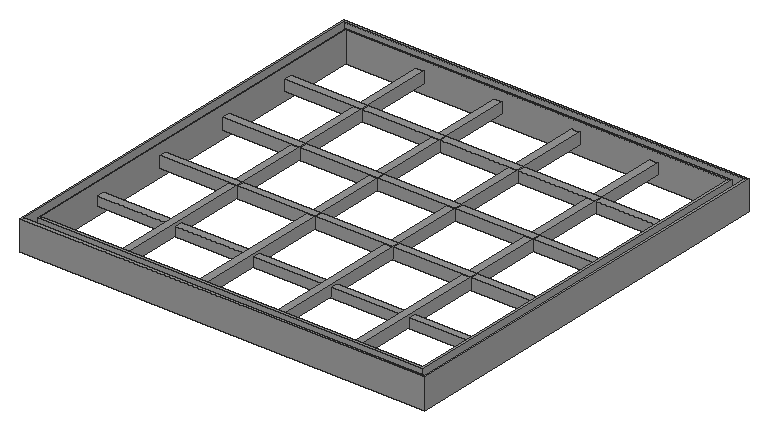
Revit family "CLD-WFD-007_WOODLITE_RFA", category Modelos genéricos, Revit 2022 (continued)
Forms (in)
  Extrusion 209, solid, not visible
    sketch origin (0, 48, 0) x (0, 1, 0) y (0, 0, 1)
      loop
        line (0.42221, 1.66259) -> (0.42231, 0.67354)
        arc (0.42231, 0.67354) -> (0.41009, 0.64403) -> (0.38057, 0.6318) r 0.04174
        line (0.38057, 0.6318) -> (-0.00639, 0.6318) -> (-0.00639, 0.59057) -> (0.8874, 0.59057) -> (0.8874, 0.6318) -> (0.49998, 0.6318)
        arc (0.49998, 0.6318) -> (0.47046, 0.64403) -> (0.45824, 0.67354) r 0.04174
        line (0.45824, 0.67354) -> (0.45834, 1.66259)
        arc (0.45834, 1.66259) -> (0.46543, 1.67969) -> (0.48252, 1.68677) r 0.02418
        line (0.48252, 1.68677) -> (0.52252, 1.68677)
        arc (0.52252, 1.68677) -> (0.55303, 1.69941) -> (0.56566, 1.72991) r 0.04314
        line (0.56566, 1.72991) -> (0.56566, 2.14095)
        arc (0.56566, 2.14095) -> (0.5626, 2.15637) -> (0.55386, 2.16944) r 0.04029
        line (0.55386, 2.16944) -> (0.47053, 2.25277)
        arc (0.47053, 2.25277) -> (0.44027, 2.2653) -> (0.41002, 2.25277) r 0.04279
        line (0.41002, 2.25277) -> (0.32669, 2.16944)
        arc (0.32669, 2.16944) -> (0.31795, 2.15637) -> (0.31489, 2.14095) r 0.04029
        line (0.31489, 2.14095) -> (0.31489, 1.72991)
        arc (0.31489, 1.72991) -> (0.32752, 1.69941) -> (0.35803, 1.68677) r 0.04314
        line (0.35803, 1.68677) -> (0.39803, 1.68677)
        arc (0.39803, 1.68677) -> (0.41512, 1.67969) -> (0.42221, 1.66259) r 0.02418
      loop
        arc (0.33294, 1.7291) -> (0.34005, 1.71194) -> (0.35722, 1.70483) r 0.02428
        line (0.35722, 1.70483) -> (0.39815, 1.70483)
        arc (0.39815, 1.70483) -> (0.42797, 1.69248) -> (0.44023, 1.66266) r 0.04217
        arc (0.44023, 1.66266) -> (0.45258, 1.69248) -> (0.4824, 1.70483) r 0.04217
        line (0.4824, 1.70483) -> (0.52333, 1.70483)
        arc (0.52333, 1.70483) -> (0.54049, 1.71194) -> (0.54761, 1.7291) r 0.02428
        line (0.54761, 1.7291) -> (0.54761, 2.15016) -> (0.45704, 2.24072)
        arc (0.45704, 2.24072) -> (0.44027, 2.24767) -> (0.42351, 2.24072) r 0.02371
        line (0.42351, 2.24072) -> (0.33294, 2.15016) -> (0.33294, 1.7291)
    from 0 to 96.9361
  Extrusion 210, solid, not visible
    sketch origin (0, 72, 0) x (0, 1, 0) y (0, 0, 1)
      loop
        line (0.42221, 1.66259) -> (0.42231, 0.67354)
        arc (0.42231, 0.67354) -> (0.41009, 0.64403) -> (0.38057, 0.6318) r 0.04174
        line (0.38057, 0.6318) -> (-0.00639, 0.6318) -> (-0.00639, 0.59057) -> (0.8874, 0.59057) -> (0.8874, 0.6318) -> (0.49998, 0.6318)
        arc (0.49998, 0.6318) -> (0.47046, 0.64403) -> (0.45824, 0.67354) r 0.04174
        line (0.45824, 0.67354) -> (0.45834, 1.66259)
        arc (0.45834, 1.66259) -> (0.46543, 1.67969) -> (0.48252, 1.68677) r 0.02418
        line (0.48252, 1.68677) -> (0.52252, 1.68677)
        arc (0.52252, 1.68677) -> (0.55303, 1.69941) -> (0.56566, 1.72991) r 0.04314
        line (0.56566, 1.72991) -> (0.56566, 2.14095)
        arc (0.56566, 2.14095) -> (0.5626, 2.15637) -> (0.55386, 2.16944) r 0.04029
        line (0.55386, 2.16944) -> (0.47053, 2.25277)
        arc (0.47053, 2.25277) -> (0.44027, 2.2653) -> (0.41002, 2.25277) r 0.04279
        line (0.41002, 2.25277) -> (0.32669, 2.16944)
        arc (0.32669, 2.16944) -> (0.31795, 2.15637) -> (0.31489, 2.14095) r 0.04029
        line (0.31489, 2.14095) -> (0.31489, 1.72991)
        arc (0.31489, 1.72991) -> (0.32752, 1.69941) -> (0.35803, 1.68677) r 0.04314
        line (0.35803, 1.68677) -> (0.39803, 1.68677)
        arc (0.39803, 1.68677) -> (0.41512, 1.67969) -> (0.42221, 1.66259) r 0.02418
      loop
        arc (0.33294, 1.7291) -> (0.34005, 1.71194) -> (0.35722, 1.70483) r 0.02428
        line (0.35722, 1.70483) -> (0.39815, 1.70483)
        arc (0.39815, 1.70483) -> (0.42797, 1.69248) -> (0.44023, 1.66266) r 0.04217
        arc (0.44023, 1.66266) -> (0.45258, 1.69248) -> (0.4824, 1.70483) r 0.04217
        line (0.4824, 1.70483) -> (0.52333, 1.70483)
        arc (0.52333, 1.70483) -> (0.54049, 1.71194) -> (0.54761, 1.7291) r 0.02428
        line (0.54761, 1.7291) -> (0.54761, 2.15016) -> (0.45704, 2.24072)
        arc (0.45704, 2.24072) -> (0.44027, 2.24767) -> (0.42351, 2.24072) r 0.02371
        line (0.42351, 2.24072) -> (0.33294, 2.15016) -> (0.33294, 1.7291)
    from 0 to 96.9361
  Extrusion 211, solid, not visible
    sketch origin (0, 96, 0) x (0, 1, 0) y (0, 0, 1)
      loop
        line (0.42221, 1.66259) -> (0.42231, 0.67354)
        arc (0.42231, 0.67354) -> (0.41009, 0.64403) -> (0.38057, 0.6318) r 0.04174
        line (0.38057, 0.6318) -> (-0.00639, 0.6318) -> (-0.00639, 0.59057) -> (0.8874, 0.59057) -> (0.8874, 0.6318) -> (0.49998, 0.6318)
        arc (0.49998, 0.6318) -> (0.47046, 0.64403) -> (0.45824, 0.67354) r 0.04174
        line (0.45824, 0.67354) -> (0.45834, 1.66259)
        arc (0.45834, 1.66259) -> (0.46543, 1.67969) -> (0.48252, 1.68677) r 0.02418
        line (0.48252, 1.68677) -> (0.52252, 1.68677)
        arc (0.52252, 1.68677) -> (0.55303, 1.69941) -> (0.56566, 1.72991) r 0.04314
        line (0.56566, 1.72991) -> (0.56566, 2.14095)
        arc (0.56566, 2.14095) -> (0.5626, 2.15637) -> (0.55386, 2.16944) r 0.04029
        line (0.55386, 2.16944) -> (0.47053, 2.25277)
        arc (0.47053, 2.25277) -> (0.44027, 2.2653) -> (0.41002, 2.25277) r 0.04279
        line (0.41002, 2.25277) -> (0.32669, 2.16944)
        arc (0.32669, 2.16944) -> (0.31795, 2.15637) -> (0.31489, 2.14095) r 0.04029
        line (0.31489, 2.14095) -> (0.31489, 1.72991)
        arc (0.31489, 1.72991) -> (0.32752, 1.69941) -> (0.35803, 1.68677) r 0.04314
        line (0.35803, 1.68677) -> (0.39803, 1.68677)
        arc (0.39803, 1.68677) -> (0.41512, 1.67969) -> (0.42221, 1.66259) r 0.02418
      loop
        arc (0.33294, 1.7291) -> (0.34005, 1.71194) -> (0.35722, 1.70483) r 0.02428
        line (0.35722, 1.70483) -> (0.39815, 1.70483)
        arc (0.39815, 1.70483) -> (0.42797, 1.69248) -> (0.44023, 1.66266) r 0.04217
        arc (0.44023, 1.66266) -> (0.45258, 1.69248) -> (0.4824, 1.70483) r 0.04217
        line (0.4824, 1.70483) -> (0.52333, 1.70483)
        arc (0.52333, 1.70483) -> (0.54049, 1.71194) -> (0.54761, 1.7291) r 0.02428
        line (0.54761, 1.7291) -> (0.54761, 2.15016) -> (0.45704, 2.24072)
        arc (0.45704, 2.24072) -> (0.44027, 2.24767) -> (0.42351, 2.24072) r 0.02371
        line (0.42351, 2.24072) -> (0.33294, 2.15016) -> (0.33294, 1.7291)
    from 0 to 96.9361
  Extrusion 212, solid, not visible
    sketch origin (48.02754, 154.90856, 0) x (1, 0, 0) y (0, 0, 1)
      loop
        line (0.42221, 1.66259) -> (0.42231, 0.67354)
        arc (0.42231, 0.67354) -> (0.41009, 0.64403) -> (0.38057, 0.6318) r 0.04174
        line (0.38057, 0.6318) -> (-0.00639, 0.6318) -> (-0.00639, 0.59057) -> (0.8874, 0.59057) -> (0.8874, 0.6318) -> (0.49998, 0.6318)
        arc (0.49998, 0.6318) -> (0.47046, 0.64403) -> (0.45824, 0.67354) r 0.04174
        line (0.45824, 0.67354) -> (0.45834, 1.66259)
        arc (0.45834, 1.66259) -> (0.46543, 1.67969) -> (0.48252, 1.68677) r 0.02418
        line (0.48252, 1.68677) -> (0.52252, 1.68677)
        arc (0.52252, 1.68677) -> (0.55303, 1.69941) -> (0.56566, 1.72991) r 0.04314
        line (0.56566, 1.72991) -> (0.56566, 2.14095)
        arc (0.56566, 2.14095) -> (0.5626, 2.15637) -> (0.55386, 2.16944) r 0.04029
        line (0.55386, 2.16944) -> (0.47053, 2.25277)
        arc (0.47053, 2.25277) -> (0.44027, 2.2653) -> (0.41002, 2.25277) r 0.04279
        line (0.41002, 2.25277) -> (0.32669, 2.16944)
        arc (0.32669, 2.16944) -> (0.31795, 2.15637) -> (0.31489, 2.14095) r 0.04029
        line (0.31489, 2.14095) -> (0.31489, 1.72991)
        arc (0.31489, 1.72991) -> (0.32752, 1.69941) -> (0.35803, 1.68677) r 0.04314
        line (0.35803, 1.68677) -> (0.39803, 1.68677)
        arc (0.39803, 1.68677) -> (0.41512, 1.67969) -> (0.42221, 1.66259) r 0.02418
      loop
        arc (0.33294, 1.7291) -> (0.34005, 1.71194) -> (0.35722, 1.70483) r 0.02428
        line (0.35722, 1.70483) -> (0.39815, 1.70483)
        arc (0.39815, 1.70483) -> (0.42797, 1.69248) -> (0.44023, 1.66266) r 0.04217
        arc (0.44023, 1.66266) -> (0.45258, 1.69248) -> (0.4824, 1.70483) r 0.04217
        line (0.4824, 1.70483) -> (0.52333, 1.70483)
        arc (0.52333, 1.70483) -> (0.54049, 1.71194) -> (0.54761, 1.7291) r 0.02428
        line (0.54761, 1.7291) -> (0.54761, 2.15016) -> (0.45704, 2.24072)
        arc (0.45704, 2.24072) -> (0.44027, 2.24767) -> (0.42351, 2.24072) r 0.02371
        line (0.42351, 2.24072) -> (0.33294, 2.15016) -> (0.33294, 1.7291)
    from 58.93614 to 81.99864
  Extrusion 213, solid, not visible
    sketch origin (72.02767, 154.90856, 0) x (1, 0, 0) y (0, 0, 1)
      loop
        line (0.42221, 1.66259) -> (0.42231, 0.67354)
        arc (0.42231, 0.67354) -> (0.41009, 0.64403) -> (0.38057, 0.6318) r 0.04174
        line (0.38057, 0.6318) -> (-0.00639, 0.6318) -> (-0.00639, 0.59057) -> (0.8874, 0.59057) -> (0.8874, 0.6318) -> (0.49998, 0.6318)
        arc (0.49998, 0.6318) -> (0.47046, 0.64403) -> (0.45824, 0.67354) r 0.04174
        line (0.45824, 0.67354) -> (0.45834, 1.66259)
        arc (0.45834, 1.66259) -> (0.46543, 1.67969) -> (0.48252, 1.68677) r 0.02418
        line (0.48252, 1.68677) -> (0.52252, 1.68677)
        arc (0.52252, 1.68677) -> (0.55303, 1.69941) -> (0.56566, 1.72991) r 0.04314
        line (0.56566, 1.72991) -> (0.56566, 2.14095)
        arc (0.56566, 2.14095) -> (0.5626, 2.15637) -> (0.55386, 2.16944) r 0.04029
        line (0.55386, 2.16944) -> (0.47053, 2.25277)
        arc (0.47053, 2.25277) -> (0.44027, 2.2653) -> (0.41002, 2.25277) r 0.04279
        line (0.41002, 2.25277) -> (0.32669, 2.16944)
        arc (0.32669, 2.16944) -> (0.31795, 2.15637) -> (0.31489, 2.14095) r 0.04029
        line (0.31489, 2.14095) -> (0.31489, 1.72991)
        arc (0.31489, 1.72991) -> (0.32752, 1.69941) -> (0.35803, 1.68677) r 0.04314
        line (0.35803, 1.68677) -> (0.39803, 1.68677)
        arc (0.39803, 1.68677) -> (0.41512, 1.67969) -> (0.42221, 1.66259) r 0.02418
      loop
        arc (0.33294, 1.7291) -> (0.34005, 1.71194) -> (0.35722, 1.70483) r 0.02428
        line (0.35722, 1.70483) -> (0.39815, 1.70483)
        arc (0.39815, 1.70483) -> (0.42797, 1.69248) -> (0.44023, 1.66266) r 0.04217
        arc (0.44023, 1.66266) -> (0.45258, 1.69248) -> (0.4824, 1.70483) r 0.04217
        line (0.4824, 1.70483) -> (0.52333, 1.70483)
        arc (0.52333, 1.70483) -> (0.54049, 1.71194) -> (0.54761, 1.7291) r 0.02428
        line (0.54761, 1.7291) -> (0.54761, 2.15016) -> (0.45704, 2.24072)
        arc (0.45704, 2.24072) -> (0.44027, 2.24767) -> (0.42351, 2.24072) r 0.02371
        line (0.42351, 2.24072) -> (0.33294, 2.15016) -> (0.33294, 1.7291)
    from 58.93614 to 81.99864
  Extrusion 214, solid, not visible
    sketch origin (96.02767, 154.90856, 0) x (1, 0, 0) y (0, 0, 1)
      loop
        line (0.42221, 1.66259) -> (0.42231, 0.67354)
        arc (0.42231, 0.67354) -> (0.41009, 0.64403) -> (0.38057, 0.6318) r 0.04174
        line (0.38057, 0.6318) -> (-0.00639, 0.6318) -> (-0.00639, 0.59057) -> (0.8874, 0.59057) -> (0.8874, 0.6318) -> (0.49998, 0.6318)
        arc (0.49998, 0.6318) -> (0.47046, 0.64403) -> (0.45824, 0.67354) r 0.04174
        line (0.45824, 0.67354) -> (0.45834, 1.66259)
        arc (0.45834, 1.66259) -> (0.46543, 1.67969) -> (0.48252, 1.68677) r 0.02418
        line (0.48252, 1.68677) -> (0.52252, 1.68677)
        arc (0.52252, 1.68677) -> (0.55303, 1.69941) -> (0.56566, 1.72991) r 0.04314
        line (0.56566, 1.72991) -> (0.56566, 2.14095)
        arc (0.56566, 2.14095) -> (0.5626, 2.15637) -> (0.55386, 2.16944) r 0.04029
        line (0.55386, 2.16944) -> (0.47053, 2.25277)
        arc (0.47053, 2.25277) -> (0.44027, 2.2653) -> (0.41002, 2.25277) r 0.04279
        line (0.41002, 2.25277) -> (0.32669, 2.16944)
        arc (0.32669, 2.16944) -> (0.31795, 2.15637) -> (0.31489, 2.14095) r 0.04029
        line (0.31489, 2.14095) -> (0.31489, 1.72991)
        arc (0.31489, 1.72991) -> (0.32752, 1.69941) -> (0.35803, 1.68677) r 0.04314
        line (0.35803, 1.68677) -> (0.39803, 1.68677)
        arc (0.39803, 1.68677) -> (0.41512, 1.67969) -> (0.42221, 1.66259) r 0.02418
      loop
        arc (0.33294, 1.7291) -> (0.34005, 1.71194) -> (0.35722, 1.70483) r 0.02428
        line (0.35722, 1.70483) -> (0.39815, 1.70483)
        arc (0.39815, 1.70483) -> (0.42797, 1.69248) -> (0.44023, 1.66266) r 0.04217
        arc (0.44023, 1.66266) -> (0.45258, 1.69248) -> (0.4824, 1.70483) r 0.04217
        line (0.4824, 1.70483) -> (0.52333, 1.70483)
        arc (0.52333, 1.70483) -> (0.54049, 1.71194) -> (0.54761, 1.7291) r 0.02428
        line (0.54761, 1.7291) -> (0.54761, 2.15016) -> (0.45704, 2.24072)
        arc (0.45704, 2.24072) -> (0.44027, 2.24767) -> (0.42351, 2.24072) r 0.02371
        line (0.42351, 2.24072) -> (0.33294, 2.15016) -> (0.33294, 1.7291)
    from 58.93614 to 81.99864
  Extrusion 215, solid, not visible
    sketch origin (24.02767, 154.90856, 0) x (1, 0, 0) y (0, 0, 1)
      loop
        line (0.42221, 1.66259) -> (0.42231, 0.67354)
        arc (0.42231, 0.67354) -> (0.41009, 0.64403) -> (0.38057, 0.6318) r 0.04174
        line (0.38057, 0.6318) -> (-0.00639, 0.6318) -> (-0.00639, 0.59057) -> (0.8874, 0.59057) -> (0.8874, 0.6318) -> (0.49998, 0.6318)
        arc (0.49998, 0.6318) -> (0.47046, 0.64403) -> (0.45824, 0.67354) r 0.04174
        line (0.45824, 0.67354) -> (0.45834, 1.66259)
        arc (0.45834, 1.66259) -> (0.46543, 1.67969) -> (0.48252, 1.68677) r 0.02418
        line (0.48252, 1.68677) -> (0.52252, 1.68677)
        arc (0.52252, 1.68677) -> (0.55303, 1.69941) -> (0.56566, 1.72991) r 0.04314
        line (0.56566, 1.72991) -> (0.56566, 2.14095)
        arc (0.56566, 2.14095) -> (0.5626, 2.15637) -> (0.55386, 2.16944) r 0.04029
        line (0.55386, 2.16944) -> (0.47053, 2.25277)
        arc (0.47053, 2.25277) -> (0.44027, 2.2653) -> (0.41002, 2.25277) r 0.04279
        line (0.41002, 2.25277) -> (0.32669, 2.16944)
        arc (0.32669, 2.16944) -> (0.31795, 2.15637) -> (0.31489, 2.14095) r 0.04029
        line (0.31489, 2.14095) -> (0.31489, 1.72991)
        arc (0.31489, 1.72991) -> (0.32752, 1.69941) -> (0.35803, 1.68677) r 0.04314
        line (0.35803, 1.68677) -> (0.39803, 1.68677)
        arc (0.39803, 1.68677) -> (0.41512, 1.67969) -> (0.42221, 1.66259) r 0.02418
      loop
        arc (0.33294, 1.7291) -> (0.34005, 1.71194) -> (0.35722, 1.70483) r 0.02428
        line (0.35722, 1.70483) -> (0.39815, 1.70483)
        arc (0.39815, 1.70483) -> (0.42797, 1.69248) -> (0.44023, 1.66266) r 0.04217
        arc (0.44023, 1.66266) -> (0.45258, 1.69248) -> (0.4824, 1.70483) r 0.04217
        line (0.4824, 1.70483) -> (0.52333, 1.70483)
        arc (0.52333, 1.70483) -> (0.54049, 1.71194) -> (0.54761, 1.7291) r 0.02428
        line (0.54761, 1.7291) -> (0.54761, 2.15016) -> (0.45704, 2.24072)
        arc (0.45704, 2.24072) -> (0.44027, 2.24767) -> (0.42351, 2.24072) r 0.02371
        line (0.42351, 2.24072) -> (0.33294, 2.15016) -> (0.33294, 1.7291)
    from 58.93614 to 81.99864
  Extrusion 216, solid, not visible
    sketch origin (0.02767, 154.90856, 0) x (1, 0, 0) y (0, 0, 1)
      loop
        line (0.42221, 1.66259) -> (0.42231, 0.67354)
        arc (0.42231, 0.67354) -> (0.41009, 0.64403) -> (0.38057, 0.6318) r 0.04174
        line (0.38057, 0.6318) -> (-0.00639, 0.6318) -> (-0.00639, 0.59057) -> (0.8874, 0.59057) -> (0.8874, 0.6318) -> (0.49998, 0.6318)
        arc (0.49998, 0.6318) -> (0.47046, 0.64403) -> (0.45824, 0.67354) r 0.04174
        line (0.45824, 0.67354) -> (0.45834, 1.66259)
        arc (0.45834, 1.66259) -> (0.46543, 1.67969) -> (0.48252, 1.68677) r 0.02418
        line (0.48252, 1.68677) -> (0.52252, 1.68677)
        arc (0.52252, 1.68677) -> (0.55303, 1.69941) -> (0.56566, 1.72991) r 0.04314
        line (0.56566, 1.72991) -> (0.56566, 2.14095)
        arc (0.56566, 2.14095) -> (0.5626, 2.15637) -> (0.55386, 2.16944) r 0.04029
        line (0.55386, 2.16944) -> (0.47053, 2.25277)
        arc (0.47053, 2.25277) -> (0.44027, 2.2653) -> (0.41002, 2.25277) r 0.04279
        line (0.41002, 2.25277) -> (0.32669, 2.16944)
        arc (0.32669, 2.16944) -> (0.31795, 2.15637) -> (0.31489, 2.14095) r 0.04029
        line (0.31489, 2.14095) -> (0.31489, 1.72991)
        arc (0.31489, 1.72991) -> (0.32752, 1.69941) -> (0.35803, 1.68677) r 0.04314
        line (0.35803, 1.68677) -> (0.39803, 1.68677)
        arc (0.39803, 1.68677) -> (0.41512, 1.67969) -> (0.42221, 1.66259) r 0.02418
      loop
        arc (0.33294, 1.7291) -> (0.34005, 1.71194) -> (0.35722, 1.70483) r 0.02428
        line (0.35722, 1.70483) -> (0.39815, 1.70483)
        arc (0.39815, 1.70483) -> (0.42797, 1.69248) -> (0.44023, 1.66266) r 0.04217
        arc (0.44023, 1.66266) -> (0.45258, 1.69248) -> (0.4824, 1.70483) r 0.04217
        line (0.4824, 1.70483) -> (0.52333, 1.70483)
        arc (0.52333, 1.70483) -> (0.54049, 1.71194) -> (0.54761, 1.7291) r 0.02428
        line (0.54761, 1.7291) -> (0.54761, 2.15016) -> (0.45704, 2.24072)
        arc (0.45704, 2.24072) -> (0.44027, 2.24767) -> (0.42351, 2.24072) r 0.02371
        line (0.42351, 2.24072) -> (0.33294, 2.15016) -> (0.33294, 1.7291)
    from 58.93614 to 81.99864
  Extrusion 217, solid, not visible
    sketch origin (48.02754, 130.90855, 0) x (1, 0, 0) y (0, 0, 1)
      loop
        line (0.42221, 1.66259) -> (0.42231, 0.67354)
        arc (0.42231, 0.67354) -> (0.41009, 0.64403) -> (0.38057, 0.6318) r 0.04174
        line (0.38057, 0.6318) -> (-0.00639, 0.6318) -> (-0.00639, 0.59057) -> (0.8874, 0.59057) -> (0.8874, 0.6318) -> (0.49998, 0.6318)
        arc (0.49998, 0.6318) -> (0.47046, 0.64403) -> (0.45824, 0.67354) r 0.04174
        line (0.45824, 0.67354) -> (0.45834, 1.66259)
        arc (0.45834, 1.66259) -> (0.46543, 1.67969) -> (0.48252, 1.68677) r 0.02418
        line (0.48252, 1.68677) -> (0.52252, 1.68677)
        arc (0.52252, 1.68677) -> (0.55303, 1.69941) -> (0.56566, 1.72991) r 0.04314
        line (0.56566, 1.72991) -> (0.56566, 2.14095)
        arc (0.56566, 2.14095) -> (0.5626, 2.15637) -> (0.55386, 2.16944) r 0.04029
        line (0.55386, 2.16944) -> (0.47053, 2.25277)
        arc (0.47053, 2.25277) -> (0.44027, 2.2653) -> (0.41002, 2.25277) r 0.04279
        line (0.41002, 2.25277) -> (0.32669, 2.16944)
        arc (0.32669, 2.16944) -> (0.31795, 2.15637) -> (0.31489, 2.14095) r 0.04029
        line (0.31489, 2.14095) -> (0.31489, 1.72991)
        arc (0.31489, 1.72991) -> (0.32752, 1.69941) -> (0.35803, 1.68677) r 0.04314
        line (0.35803, 1.68677) -> (0.39803, 1.68677)
        arc (0.39803, 1.68677) -> (0.41512, 1.67969) -> (0.42221, 1.66259) r 0.02418
      loop
        arc (0.33294, 1.7291) -> (0.34005, 1.71194) -> (0.35722, 1.70483) r 0.02428
        line (0.35722, 1.70483) -> (0.39815, 1.70483)
        arc (0.39815, 1.70483) -> (0.42797, 1.69248) -> (0.44023, 1.66266) r 0.04217
        arc (0.44023, 1.66266) -> (0.45258, 1.69248) -> (0.4824, 1.70483) r 0.04217
        line (0.4824, 1.70483) -> (0.52333, 1.70483)
        arc (0.52333, 1.70483) -> (0.54049, 1.71194) -> (0.54761, 1.7291) r 0.02428
        line (0.54761, 1.7291) -> (0.54761, 2.15016) -> (0.45704, 2.24072)
        arc (0.45704, 2.24072) -> (0.44027, 2.24767) -> (0.42351, 2.24072) r 0.02371
        line (0.42351, 2.24072) -> (0.33294, 2.15016) -> (0.33294, 1.7291)
    from 58.93614 to 81.99864
  Extrusion 218, solid, not visible
    sketch origin (72.02767, 130.90855, 0) x (1, 0, 0) y (0, 0, 1)
      loop
        line (0.42221, 1.66259) -> (0.42231, 0.67354)
        arc (0.42231, 0.67354) -> (0.41009, 0.64403) -> (0.38057, 0.6318) r 0.04174
        line (0.38057, 0.6318) -> (-0.00639, 0.6318) -> (-0.00639, 0.59057) -> (0.8874, 0.59057) -> (0.8874, 0.6318) -> (0.49998, 0.6318)
        arc (0.49998, 0.6318) -> (0.47046, 0.64403) -> (0.45824, 0.67354) r 0.04174
        line (0.45824, 0.67354) -> (0.45834, 1.66259)
        arc (0.45834, 1.66259) -> (0.46543, 1.67969) -> (0.48252, 1.68677) r 0.02418
        line (0.48252, 1.68677) -> (0.52252, 1.68677)
        arc (0.52252, 1.68677) -> (0.55303, 1.69941) -> (0.56566, 1.72991) r 0.04314
        line (0.56566, 1.72991) -> (0.56566, 2.14095)
        arc (0.56566, 2.14095) -> (0.5626, 2.15637) -> (0.55386, 2.16944) r 0.04029
        line (0.55386, 2.16944) -> (0.47053, 2.25277)
        arc (0.47053, 2.25277) -> (0.44027, 2.2653) -> (0.41002, 2.25277) r 0.04279
        line (0.41002, 2.25277) -> (0.32669, 2.16944)
        arc (0.32669, 2.16944) -> (0.31795, 2.15637) -> (0.31489, 2.14095) r 0.04029
        line (0.31489, 2.14095) -> (0.31489, 1.72991)
        arc (0.31489, 1.72991) -> (0.32752, 1.69941) -> (0.35803, 1.68677) r 0.04314
        line (0.35803, 1.68677) -> (0.39803, 1.68677)
        arc (0.39803, 1.68677) -> (0.41512, 1.67969) -> (0.42221, 1.66259) r 0.02418
      loop
        arc (0.33294, 1.7291) -> (0.34005, 1.71194) -> (0.35722, 1.70483) r 0.02428
        line (0.35722, 1.70483) -> (0.39815, 1.70483)
        arc (0.39815, 1.70483) -> (0.42797, 1.69248) -> (0.44023, 1.66266) r 0.04217
        arc (0.44023, 1.66266) -> (0.45258, 1.69248) -> (0.4824, 1.70483) r 0.04217
        line (0.4824, 1.70483) -> (0.52333, 1.70483)
        arc (0.52333, 1.70483) -> (0.54049, 1.71194) -> (0.54761, 1.7291) r 0.02428
        line (0.54761, 1.7291) -> (0.54761, 2.15016) -> (0.45704, 2.24072)
        arc (0.45704, 2.24072) -> (0.44027, 2.24767) -> (0.42351, 2.24072) r 0.02371
        line (0.42351, 2.24072) -> (0.33294, 2.15016) -> (0.33294, 1.7291)
    from 58.93614 to 81.99864
  Extrusion 219, solid, not visible
    sketch origin (96.02767, 130.90855, 0) x (1, 0, 0) y (0, 0, 1)
      loop
        line (0.42221, 1.66259) -> (0.42231, 0.67354)
        arc (0.42231, 0.67354) -> (0.41009, 0.64403) -> (0.38057, 0.6318) r 0.04174
        line (0.38057, 0.6318) -> (-0.00639, 0.6318) -> (-0.00639, 0.59057) -> (0.8874, 0.59057) -> (0.8874, 0.6318) -> (0.49998, 0.6318)
        arc (0.49998, 0.6318) -> (0.47046, 0.64403) -> (0.45824, 0.67354) r 0.04174
        line (0.45824, 0.67354) -> (0.45834, 1.66259)
        arc (0.45834, 1.66259) -> (0.46543, 1.67969) -> (0.48252, 1.68677) r 0.02418
        line (0.48252, 1.68677) -> (0.52252, 1.68677)
        arc (0.52252, 1.68677) -> (0.55303, 1.69941) -> (0.56566, 1.72991) r 0.04314
        line (0.56566, 1.72991) -> (0.56566, 2.14095)
        arc (0.56566, 2.14095) -> (0.5626, 2.15637) -> (0.55386, 2.16944) r 0.04029
        line (0.55386, 2.16944) -> (0.47053, 2.25277)
        arc (0.47053, 2.25277) -> (0.44027, 2.2653) -> (0.41002, 2.25277) r 0.04279
        line (0.41002, 2.25277) -> (0.32669, 2.16944)
        arc (0.32669, 2.16944) -> (0.31795, 2.15637) -> (0.31489, 2.14095) r 0.04029
        line (0.31489, 2.14095) -> (0.31489, 1.72991)
        arc (0.31489, 1.72991) -> (0.32752, 1.69941) -> (0.35803, 1.68677) r 0.04314
        line (0.35803, 1.68677) -> (0.39803, 1.68677)
        arc (0.39803, 1.68677) -> (0.41512, 1.67969) -> (0.42221, 1.66259) r 0.02418
      loop
        arc (0.33294, 1.7291) -> (0.34005, 1.71194) -> (0.35722, 1.70483) r 0.02428
        line (0.35722, 1.70483) -> (0.39815, 1.70483)
        arc (0.39815, 1.70483) -> (0.42797, 1.69248) -> (0.44023, 1.66266) r 0.04217
        arc (0.44023, 1.66266) -> (0.45258, 1.69248) -> (0.4824, 1.70483) r 0.04217
        line (0.4824, 1.70483) -> (0.52333, 1.70483)
        arc (0.52333, 1.70483) -> (0.54049, 1.71194) -> (0.54761, 1.7291) r 0.02428
        line (0.54761, 1.7291) -> (0.54761, 2.15016) -> (0.45704, 2.24072)
        arc (0.45704, 2.24072) -> (0.44027, 2.24767) -> (0.42351, 2.24072) r 0.02371
        line (0.42351, 2.24072) -> (0.33294, 2.15016) -> (0.33294, 1.7291)
    from 58.93614 to 81.99864
  Extrusion 220, solid, not visible
    sketch origin (24.02767, 130.90855, 0) x (1, 0, 0) y (0, 0, 1)
      loop
        line (0.42221, 1.66259) -> (0.42231, 0.67354)
        arc (0.42231, 0.67354) -> (0.41009, 0.64403) -> (0.38057, 0.6318) r 0.04174
        line (0.38057, 0.6318) -> (-0.00639, 0.6318) -> (-0.00639, 0.59057) -> (0.8874, 0.59057) -> (0.8874, 0.6318) -> (0.49998, 0.6318)
        arc (0.49998, 0.6318) -> (0.47046, 0.64403) -> (0.45824, 0.67354) r 0.04174
        line (0.45824, 0.67354) -> (0.45834, 1.66259)
        arc (0.45834, 1.66259) -> (0.46543, 1.67969) -> (0.48252, 1.68677) r 0.02418
        line (0.48252, 1.68677) -> (0.52252, 1.68677)
        arc (0.52252, 1.68677) -> (0.55303, 1.69941) -> (0.56566, 1.72991) r 0.04314
        line (0.56566, 1.72991) -> (0.56566, 2.14095)
        arc (0.56566, 2.14095) -> (0.5626, 2.15637) -> (0.55386, 2.16944) r 0.04029
        line (0.55386, 2.16944) -> (0.47053, 2.25277)
        arc (0.47053, 2.25277) -> (0.44027, 2.2653) -> (0.41002, 2.25277) r 0.04279
        line (0.41002, 2.25277) -> (0.32669, 2.16944)
        arc (0.32669, 2.16944) -> (0.31795, 2.15637) -> (0.31489, 2.14095) r 0.04029
        line (0.31489, 2.14095) -> (0.31489, 1.72991)
        arc (0.31489, 1.72991) -> (0.32752, 1.69941) -> (0.35803, 1.68677) r 0.04314
        line (0.35803, 1.68677) -> (0.39803, 1.68677)
        arc (0.39803, 1.68677) -> (0.41512, 1.67969) -> (0.42221, 1.66259) r 0.02418
      loop
        arc (0.33294, 1.7291) -> (0.34005, 1.71194) -> (0.35722, 1.70483) r 0.02428
        line (0.35722, 1.70483) -> (0.39815, 1.70483)
        arc (0.39815, 1.70483) -> (0.42797, 1.69248) -> (0.44023, 1.66266) r 0.04217
        arc (0.44023, 1.66266) -> (0.45258, 1.69248) -> (0.4824, 1.70483) r 0.04217
        line (0.4824, 1.70483) -> (0.52333, 1.70483)
        arc (0.52333, 1.70483) -> (0.54049, 1.71194) -> (0.54761, 1.7291) r 0.02428
        line (0.54761, 1.7291) -> (0.54761, 2.15016) -> (0.45704, 2.24072)
        arc (0.45704, 2.24072) -> (0.44027, 2.24767) -> (0.42351, 2.24072) r 0.02371
        line (0.42351, 2.24072) -> (0.33294, 2.15016) -> (0.33294, 1.7291)
    from 58.93614 to 81.99864
  Extrusion 221, solid, not visible
    sketch origin (0.02767, 130.90855, 0) x (1, 0, 0) y (0, 0, 1)
      loop
        line (0.42221, 1.66259) -> (0.42231, 0.67354)
        arc (0.42231, 0.67354) -> (0.41009, 0.64403) -> (0.38057, 0.6318) r 0.04174
        line (0.38057, 0.6318) -> (-0.00639, 0.6318) -> (-0.00639, 0.59057) -> (0.8874, 0.59057) -> (0.8874, 0.6318) -> (0.49998, 0.6318)
        arc (0.49998, 0.6318) -> (0.47046, 0.64403) -> (0.45824, 0.67354) r 0.04174
        line (0.45824, 0.67354) -> (0.45834, 1.66259)
        arc (0.45834, 1.66259) -> (0.46543, 1.67969) -> (0.48252, 1.68677) r 0.02418
        line (0.48252, 1.68677) -> (0.52252, 1.68677)
        arc (0.52252, 1.68677) -> (0.55303, 1.69941) -> (0.56566, 1.72991) r 0.04314
        line (0.56566, 1.72991) -> (0.56566, 2.14095)
        arc (0.56566, 2.14095) -> (0.5626, 2.15637) -> (0.55386, 2.16944) r 0.04029
        line (0.55386, 2.16944) -> (0.47053, 2.25277)
        arc (0.47053, 2.25277) -> (0.44027, 2.2653) -> (0.41002, 2.25277) r 0.04279
        line (0.41002, 2.25277) -> (0.32669, 2.16944)
        arc (0.32669, 2.16944) -> (0.31795, 2.15637) -> (0.31489, 2.14095) r 0.04029
        line (0.31489, 2.14095) -> (0.31489, 1.72991)
        arc (0.31489, 1.72991) -> (0.32752, 1.69941) -> (0.35803, 1.68677) r 0.04314
        line (0.35803, 1.68677) -> (0.39803, 1.68677)
        arc (0.39803, 1.68677) -> (0.41512, 1.67969) -> (0.42221, 1.66259) r 0.02418
      loop
        arc (0.33294, 1.7291) -> (0.34005, 1.71194) -> (0.35722, 1.70483) r 0.02428
        line (0.35722, 1.70483) -> (0.39815, 1.70483)
        arc (0.39815, 1.70483) -> (0.42797, 1.69248) -> (0.44023, 1.66266) r 0.04217
        arc (0.44023, 1.66266) -> (0.45258, 1.69248) -> (0.4824, 1.70483) r 0.04217
        line (0.4824, 1.70483) -> (0.52333, 1.70483)
        arc (0.52333, 1.70483) -> (0.54049, 1.71194) -> (0.54761, 1.7291) r 0.02428
        line (0.54761, 1.7291) -> (0.54761, 2.15016) -> (0.45704, 2.24072)
        arc (0.45704, 2.24072) -> (0.44027, 2.24767) -> (0.42351, 2.24072) r 0.02371
        line (0.42351, 2.24072) -> (0.33294, 2.15016) -> (0.33294, 1.7291)
    from 58.93614 to 81.99864
  Extrusion 222, solid, not visible
    sketch origin (48.02754, 106.90856, 0) x (1, 0, 0) y (0, 0, 1)
      loop
        line (0.42221, 1.66259) -> (0.42231, 0.67354)
        arc (0.42231, 0.67354) -> (0.41009, 0.64403) -> (0.38057, 0.6318) r 0.04174
        line (0.38057, 0.6318) -> (-0.00639, 0.6318) -> (-0.00639, 0.59057) -> (0.8874, 0.59057) -> (0.8874, 0.6318) -> (0.49998, 0.6318)
        arc (0.49998, 0.6318) -> (0.47046, 0.64403) -> (0.45824, 0.67354) r 0.04174
        line (0.45824, 0.67354) -> (0.45834, 1.66259)
        arc (0.45834, 1.66259) -> (0.46543, 1.67969) -> (0.48252, 1.68677) r 0.02418
        line (0.48252, 1.68677) -> (0.52252, 1.68677)
        arc (0.52252, 1.68677) -> (0.55303, 1.69941) -> (0.56566, 1.72991) r 0.04314
        line (0.56566, 1.72991) -> (0.56566, 2.14095)
        arc (0.56566, 2.14095) -> (0.5626, 2.15637) -> (0.55386, 2.16944) r 0.04029
        line (0.55386, 2.16944) -> (0.47053, 2.25277)
        arc (0.47053, 2.25277) -> (0.44027, 2.2653) -> (0.41002, 2.25277) r 0.04279
        line (0.41002, 2.25277) -> (0.32669, 2.16944)
        arc (0.32669, 2.16944) -> (0.31795, 2.15637) -> (0.31489, 2.14095) r 0.04029
        line (0.31489, 2.14095) -> (0.31489, 1.72991)
        arc (0.31489, 1.72991) -> (0.32752, 1.69941) -> (0.35803, 1.68677) r 0.04314
        line (0.35803, 1.68677) -> (0.39803, 1.68677)
        arc (0.39803, 1.68677) -> (0.41512, 1.67969) -> (0.42221, 1.66259) r 0.02418
      loop
        arc (0.33294, 1.7291) -> (0.34005, 1.71194) -> (0.35722, 1.70483) r 0.02428
        line (0.35722, 1.70483) -> (0.39815, 1.70483)
        arc (0.39815, 1.70483) -> (0.42797, 1.69248) -> (0.44023, 1.66266) r 0.04217
        arc (0.44023, 1.66266) -> (0.45258, 1.69248) -> (0.4824, 1.70483) r 0.04217
        line (0.4824, 1.70483) -> (0.52333, 1.70483)
        arc (0.52333, 1.70483) -> (0.54049, 1.71194) -> (0.54761, 1.7291) r 0.02428
        line (0.54761, 1.7291) -> (0.54761, 2.15016) -> (0.45704, 2.24072)
        arc (0.45704, 2.24072) -> (0.44027, 2.24767) -> (0.42351, 2.24072) r 0.02371
        line (0.42351, 2.24072) -> (0.33294, 2.15016) -> (0.33294, 1.7291)
    from 58.93614 to 81.99864
  Extrusion 223, solid, not visible
    sketch origin (72.02767, 106.90856, 0) x (1, 0, 0) y (0, 0, 1)
      loop
        line (0.42221, 1.66259) -> (0.42231, 0.67354)
        arc (0.42231, 0.67354) -> (0.41009, 0.64403) -> (0.38057, 0.6318) r 0.04174
        line (0.38057, 0.6318) -> (-0.00639, 0.6318) -> (-0.00639, 0.59057) -> (0.8874, 0.59057) -> (0.8874, 0.6318) -> (0.49998, 0.6318)
        arc (0.49998, 0.6318) -> (0.47046, 0.64403) -> (0.45824, 0.67354) r 0.04174
        line (0.45824, 0.67354) -> (0.45834, 1.66259)
        arc (0.45834, 1.66259) -> (0.46543, 1.67969) -> (0.48252, 1.68677) r 0.02418
        line (0.48252, 1.68677) -> (0.52252, 1.68677)
        arc (0.52252, 1.68677) -> (0.55303, 1.69941) -> (0.56566, 1.72991) r 0.04314
        line (0.56566, 1.72991) -> (0.56566, 2.14095)
        arc (0.56566, 2.14095) -> (0.5626, 2.15637) -> (0.55386, 2.16944) r 0.04029
        line (0.55386, 2.16944) -> (0.47053, 2.25277)
        arc (0.47053, 2.25277) -> (0.44027, 2.2653) -> (0.41002, 2.25277) r 0.04279
        line (0.41002, 2.25277) -> (0.32669, 2.16944)
        arc (0.32669, 2.16944) -> (0.31795, 2.15637) -> (0.31489, 2.14095) r 0.04029
        line (0.31489, 2.14095) -> (0.31489, 1.72991)
        arc (0.31489, 1.72991) -> (0.32752, 1.69941) -> (0.35803, 1.68677) r 0.04314
        line (0.35803, 1.68677) -> (0.39803, 1.68677)
        arc (0.39803, 1.68677) -> (0.41512, 1.67969) -> (0.42221, 1.66259) r 0.02418
      loop
        arc (0.33294, 1.7291) -> (0.34005, 1.71194) -> (0.35722, 1.70483) r 0.02428
        line (0.35722, 1.70483) -> (0.39815, 1.70483)
        arc (0.39815, 1.70483) -> (0.42797, 1.69248) -> (0.44023, 1.66266) r 0.04217
        arc (0.44023, 1.66266) -> (0.45258, 1.69248) -> (0.4824, 1.70483) r 0.04217
        line (0.4824, 1.70483) -> (0.52333, 1.70483)
        arc (0.52333, 1.70483) -> (0.54049, 1.71194) -> (0.54761, 1.7291) r 0.02428
        line (0.54761, 1.7291) -> (0.54761, 2.15016) -> (0.45704, 2.24072)
        arc (0.45704, 2.24072) -> (0.44027, 2.24767) -> (0.42351, 2.24072) r 0.02371
        line (0.42351, 2.24072) -> (0.33294, 2.15016) -> (0.33294, 1.7291)
    from 58.93614 to 81.99864
  Extrusion 224, solid, not visible
    sketch origin (96.02767, 106.90856, 0) x (1, 0, 0) y (0, 0, 1)
      loop
        line (0.42221, 1.66259) -> (0.42231, 0.67354)
        arc (0.42231, 0.67354) -> (0.41009, 0.64403) -> (0.38057, 0.6318) r 0.04174
        line (0.38057, 0.6318) -> (-0.00639, 0.6318) -> (-0.00639, 0.59057) -> (0.8874, 0.59057) -> (0.8874, 0.6318) -> (0.49998, 0.6318)
        arc (0.49998, 0.6318) -> (0.47046, 0.64403) -> (0.45824, 0.67354) r 0.04174
        line (0.45824, 0.67354) -> (0.45834, 1.66259)
        arc (0.45834, 1.66259) -> (0.46543, 1.67969) -> (0.48252, 1.68677) r 0.02418
        line (0.48252, 1.68677) -> (0.52252, 1.68677)
        arc (0.52252, 1.68677) -> (0.55303, 1.69941) -> (0.56566, 1.72991) r 0.04314
        line (0.56566, 1.72991) -> (0.56566, 2.14095)
        arc (0.56566, 2.14095) -> (0.5626, 2.15637) -> (0.55386, 2.16944) r 0.04029
        line (0.55386, 2.16944) -> (0.47053, 2.25277)
        arc (0.47053, 2.25277) -> (0.44027, 2.2653) -> (0.41002, 2.25277) r 0.04279
        line (0.41002, 2.25277) -> (0.32669, 2.16944)
        arc (0.32669, 2.16944) -> (0.31795, 2.15637) -> (0.31489, 2.14095) r 0.04029
        line (0.31489, 2.14095) -> (0.31489, 1.72991)
        arc (0.31489, 1.72991) -> (0.32752, 1.69941) -> (0.35803, 1.68677) r 0.04314
        line (0.35803, 1.68677) -> (0.39803, 1.68677)
        arc (0.39803, 1.68677) -> (0.41512, 1.67969) -> (0.42221, 1.66259) r 0.02418
      loop
        arc (0.33294, 1.7291) -> (0.34005, 1.71194) -> (0.35722, 1.70483) r 0.02428
        line (0.35722, 1.70483) -> (0.39815, 1.70483)
        arc (0.39815, 1.70483) -> (0.42797, 1.69248) -> (0.44023, 1.66266) r 0.04217
        arc (0.44023, 1.66266) -> (0.45258, 1.69248) -> (0.4824, 1.70483) r 0.04217
        line (0.4824, 1.70483) -> (0.52333, 1.70483)
        arc (0.52333, 1.70483) -> (0.54049, 1.71194) -> (0.54761, 1.7291) r 0.02428
        line (0.54761, 1.7291) -> (0.54761, 2.15016) -> (0.45704, 2.24072)
        arc (0.45704, 2.24072) -> (0.44027, 2.24767) -> (0.42351, 2.24072) r 0.02371
        line (0.42351, 2.24072) -> (0.33294, 2.15016) -> (0.33294, 1.7291)
    from 58.93614 to 81.99864
  Extrusion 225, solid, not visible
    sketch origin (24.02767, 106.90856, 0) x (1, 0, 0) y (0, 0, 1)
      loop
        line (0.42221, 1.66259) -> (0.42231, 0.67354)
        arc (0.42231, 0.67354) -> (0.41009, 0.64403) -> (0.38057, 0.6318) r 0.04174
        line (0.38057, 0.6318) -> (-0.00639, 0.6318) -> (-0.00639, 0.59057) -> (0.8874, 0.59057) -> (0.8874, 0.6318) -> (0.49998, 0.6318)
        arc (0.49998, 0.6318) -> (0.47046, 0.64403) -> (0.45824, 0.67354) r 0.04174
        line (0.45824, 0.67354) -> (0.45834, 1.66259)
        arc (0.45834, 1.66259) -> (0.46543, 1.67969) -> (0.48252, 1.68677) r 0.02418
        line (0.48252, 1.68677) -> (0.52252, 1.68677)
        arc (0.52252, 1.68677) -> (0.55303, 1.69941) -> (0.56566, 1.72991) r 0.04314
        line (0.56566, 1.72991) -> (0.56566, 2.14095)
        arc (0.56566, 2.14095) -> (0.5626, 2.15637) -> (0.55386, 2.16944) r 0.04029
        line (0.55386, 2.16944) -> (0.47053, 2.25277)
        arc (0.47053, 2.25277) -> (0.44027, 2.2653) -> (0.41002, 2.25277) r 0.04279
        line (0.41002, 2.25277) -> (0.32669, 2.16944)
        arc (0.32669, 2.16944) -> (0.31795, 2.15637) -> (0.31489, 2.14095) r 0.04029
        line (0.31489, 2.14095) -> (0.31489, 1.72991)
        arc (0.31489, 1.72991) -> (0.32752, 1.69941) -> (0.35803, 1.68677) r 0.04314
        line (0.35803, 1.68677) -> (0.39803, 1.68677)
        arc (0.39803, 1.68677) -> (0.41512, 1.67969) -> (0.42221, 1.66259) r 0.02418
      loop
        arc (0.33294, 1.7291) -> (0.34005, 1.71194) -> (0.35722, 1.70483) r 0.02428
        line (0.35722, 1.70483) -> (0.39815, 1.70483)
        arc (0.39815, 1.70483) -> (0.42797, 1.69248) -> (0.44023, 1.66266) r 0.04217
        arc (0.44023, 1.66266) -> (0.45258, 1.69248) -> (0.4824, 1.70483) r 0.04217
        line (0.4824, 1.70483) -> (0.52333, 1.70483)
        arc (0.52333, 1.70483) -> (0.54049, 1.71194) -> (0.54761, 1.7291) r 0.02428
        line (0.54761, 1.7291) -> (0.54761, 2.15016) -> (0.45704, 2.24072)
        arc (0.45704, 2.24072) -> (0.44027, 2.24767) -> (0.42351, 2.24072) r 0.02371
        line (0.42351, 2.24072) -> (0.33294, 2.15016) -> (0.33294, 1.7291)
    from 58.93614 to 81.99864
  Extrusion 226, solid, not visible
    sketch origin (0.02767, 106.90856, 0) x (1, 0, 0) y (0, 0, 1)
      loop
        line (0.42221, 1.66259) -> (0.42231, 0.67354)
        arc (0.42231, 0.67354) -> (0.41009, 0.64403) -> (0.38057, 0.6318) r 0.04174
        line (0.38057, 0.6318) -> (-0.00639, 0.6318) -> (-0.00639, 0.59057) -> (0.8874, 0.59057) -> (0.8874, 0.6318) -> (0.49998, 0.6318)
        arc (0.49998, 0.6318) -> (0.47046, 0.64403) -> (0.45824, 0.67354) r 0.04174
        line (0.45824, 0.67354) -> (0.45834, 1.66259)
        arc (0.45834, 1.66259) -> (0.46543, 1.67969) -> (0.48252, 1.68677) r 0.02418
        line (0.48252, 1.68677) -> (0.52252, 1.68677)
        arc (0.52252, 1.68677) -> (0.55303, 1.69941) -> (0.56566, 1.72991) r 0.04314
        line (0.56566, 1.72991) -> (0.56566, 2.14095)
        arc (0.56566, 2.14095) -> (0.5626, 2.15637) -> (0.55386, 2.16944) r 0.04029
        line (0.55386, 2.16944) -> (0.47053, 2.25277)
        arc (0.47053, 2.25277) -> (0.44027, 2.2653) -> (0.41002, 2.25277) r 0.04279
        line (0.41002, 2.25277) -> (0.32669, 2.16944)
        arc (0.32669, 2.16944) -> (0.31795, 2.15637) -> (0.31489, 2.14095) r 0.04029
        line (0.31489, 2.14095) -> (0.31489, 1.72991)
        arc (0.31489, 1.72991) -> (0.32752, 1.69941) -> (0.35803, 1.68677) r 0.04314
        line (0.35803, 1.68677) -> (0.39803, 1.68677)
        arc (0.39803, 1.68677) -> (0.41512, 1.67969) -> (0.42221, 1.66259) r 0.02418
      loop
        arc (0.33294, 1.7291) -> (0.34005, 1.71194) -> (0.35722, 1.70483) r 0.02428
        line (0.35722, 1.70483) -> (0.39815, 1.70483)
        arc (0.39815, 1.70483) -> (0.42797, 1.69248) -> (0.44023, 1.66266) r 0.04217
        arc (0.44023, 1.66266) -> (0.45258, 1.69248) -> (0.4824, 1.70483) r 0.04217
        line (0.4824, 1.70483) -> (0.52333, 1.70483)
        arc (0.52333, 1.70483) -> (0.54049, 1.71194) -> (0.54761, 1.7291) r 0.02428
        line (0.54761, 1.7291) -> (0.54761, 2.15016) -> (0.45704, 2.24072)
        arc (0.45704, 2.24072) -> (0.44027, 2.24767) -> (0.42351, 2.24072) r 0.02371
        line (0.42351, 2.24072) -> (0.33294, 2.15016) -> (0.33294, 1.7291)
    from 58.93614 to 81.99864
  Extrusion 227, solid, not visible
    sketch origin (48.02754, 82.90856, 0) x (1, 0, 0) y (0, 0, 1)
      loop
        line (0.42221, 1.66259) -> (0.42231, 0.67354)
        arc (0.42231, 0.67354) -> (0.41009, 0.64403) -> (0.38057, 0.6318) r 0.04174
        line (0.38057, 0.6318) -> (-0.00639, 0.6318) -> (-0.00639, 0.59057) -> (0.8874, 0.59057) -> (0.8874, 0.6318) -> (0.49998, 0.6318)
        arc (0.49998, 0.6318) -> (0.47046, 0.64403) -> (0.45824, 0.67354) r 0.04174
        line (0.45824, 0.67354) -> (0.45834, 1.66259)
        arc (0.45834, 1.66259) -> (0.46543, 1.67969) -> (0.48252, 1.68677) r 0.02418
        line (0.48252, 1.68677) -> (0.52252, 1.68677)
        arc (0.52252, 1.68677) -> (0.55303, 1.69941) -> (0.56566, 1.72991) r 0.04314
        line (0.56566, 1.72991) -> (0.56566, 2.14095)
        arc (0.56566, 2.14095) -> (0.5626, 2.15637) -> (0.55386, 2.16944) r 0.04029
        line (0.55386, 2.16944) -> (0.47053, 2.25277)
        arc (0.47053, 2.25277) -> (0.44027, 2.2653) -> (0.41002, 2.25277) r 0.04279
        line (0.41002, 2.25277) -> (0.32669, 2.16944)
        arc (0.32669, 2.16944) -> (0.31795, 2.15637) -> (0.31489, 2.14095) r 0.04029
        line (0.31489, 2.14095) -> (0.31489, 1.72991)
        arc (0.31489, 1.72991) -> (0.32752, 1.69941) -> (0.35803, 1.68677) r 0.04314
        line (0.35803, 1.68677) -> (0.39803, 1.68677)
        arc (0.39803, 1.68677) -> (0.41512, 1.67969) -> (0.42221, 1.66259) r 0.02418
      loop
        arc (0.33294, 1.7291) -> (0.34005, 1.71194) -> (0.35722, 1.70483) r 0.02428
        line (0.35722, 1.70483) -> (0.39815, 1.70483)
        arc (0.39815, 1.70483) -> (0.42797, 1.69248) -> (0.44023, 1.66266) r 0.04217
        arc (0.44023, 1.66266) -> (0.45258, 1.69248) -> (0.4824, 1.70483) r 0.04217
        line (0.4824, 1.70483) -> (0.52333, 1.70483)
        arc (0.52333, 1.70483) -> (0.54049, 1.71194) -> (0.54761, 1.7291) r 0.02428
        line (0.54761, 1.7291) -> (0.54761, 2.15016) -> (0.45704, 2.24072)
        arc (0.45704, 2.24072) -> (0.44027, 2.24767) -> (0.42351, 2.24072) r 0.02371
        line (0.42351, 2.24072) -> (0.33294, 2.15016) -> (0.33294, 1.7291)
    from 58.93614 to 81.99864
  Extrusion 228, solid, not visible
    sketch origin (72.02767, 82.90856, 0) x (1, 0, 0) y (0, 0, 1)
      loop
        line (0.42221, 1.66259) -> (0.42231, 0.67354)
        arc (0.42231, 0.67354) -> (0.41009, 0.64403) -> (0.38057, 0.6318) r 0.04174
        line (0.38057, 0.6318) -> (-0.00639, 0.6318) -> (-0.00639, 0.59057) -> (0.8874, 0.59057) -> (0.8874, 0.6318) -> (0.49998, 0.6318)
        arc (0.49998, 0.6318) -> (0.47046, 0.64403) -> (0.45824, 0.67354) r 0.04174
        line (0.45824, 0.67354) -> (0.45834, 1.66259)
        arc (0.45834, 1.66259) -> (0.46543, 1.67969) -> (0.48252, 1.68677) r 0.02418
        line (0.48252, 1.68677) -> (0.52252, 1.68677)
        arc (0.52252, 1.68677) -> (0.55303, 1.69941) -> (0.56566, 1.72991) r 0.04314
        line (0.56566, 1.72991) -> (0.56566, 2.14095)
        arc (0.56566, 2.14095) -> (0.5626, 2.15637) -> (0.55386, 2.16944) r 0.04029
        line (0.55386, 2.16944) -> (0.47053, 2.25277)
        arc (0.47053, 2.25277) -> (0.44027, 2.2653) -> (0.41002, 2.25277) r 0.04279
        line (0.41002, 2.25277) -> (0.32669, 2.16944)
        arc (0.32669, 2.16944) -> (0.31795, 2.15637) -> (0.31489, 2.14095) r 0.04029
        line (0.31489, 2.14095) -> (0.31489, 1.72991)
        arc (0.31489, 1.72991) -> (0.32752, 1.69941) -> (0.35803, 1.68677) r 0.04314
        line (0.35803, 1.68677) -> (0.39803, 1.68677)
        arc (0.39803, 1.68677) -> (0.41512, 1.67969) -> (0.42221, 1.66259) r 0.02418
      loop
        arc (0.33294, 1.7291) -> (0.34005, 1.71194) -> (0.35722, 1.70483) r 0.02428
        line (0.35722, 1.70483) -> (0.39815, 1.70483)
        arc (0.39815, 1.70483) -> (0.42797, 1.69248) -> (0.44023, 1.66266) r 0.04217
        arc (0.44023, 1.66266) -> (0.45258, 1.69248) -> (0.4824, 1.70483) r 0.04217
        line (0.4824, 1.70483) -> (0.52333, 1.70483)
        arc (0.52333, 1.70483) -> (0.54049, 1.71194) -> (0.54761, 1.7291) r 0.02428
        line (0.54761, 1.7291) -> (0.54761, 2.15016) -> (0.45704, 2.24072)
        arc (0.45704, 2.24072) -> (0.44027, 2.24767) -> (0.42351, 2.24072) r 0.02371
        line (0.42351, 2.24072) -> (0.33294, 2.15016) -> (0.33294, 1.7291)
    from 58.93614 to 81.99864
  Extrusion 229, solid, not visible
    sketch origin (96.02767, 82.90856, 0) x (1, 0, 0) y (0, 0, 1)
      loop
        line (0.42221, 1.66259) -> (0.42231, 0.67354)
        arc (0.42231, 0.67354) -> (0.41009, 0.64403) -> (0.38057, 0.6318) r 0.04174
        line (0.38057, 0.6318) -> (-0.00639, 0.6318) -> (-0.00639, 0.59057) -> (0.8874, 0.59057) -> (0.8874, 0.6318) -> (0.49998, 0.6318)
        arc (0.49998, 0.6318) -> (0.47046, 0.64403) -> (0.45824, 0.67354) r 0.04174
        line (0.45824, 0.67354) -> (0.45834, 1.66259)
        arc (0.45834, 1.66259) -> (0.46543, 1.67969) -> (0.48252, 1.68677) r 0.02418
        line (0.48252, 1.68677) -> (0.52252, 1.68677)
        arc (0.52252, 1.68677) -> (0.55303, 1.69941) -> (0.56566, 1.72991) r 0.04314
        line (0.56566, 1.72991) -> (0.56566, 2.14095)
        arc (0.56566, 2.14095) -> (0.5626, 2.15637) -> (0.55386, 2.16944) r 0.04029
        line (0.55386, 2.16944) -> (0.47053, 2.25277)
        arc (0.47053, 2.25277) -> (0.44027, 2.2653) -> (0.41002, 2.25277) r 0.04279
        line (0.41002, 2.25277) -> (0.32669, 2.16944)
        arc (0.32669, 2.16944) -> (0.31795, 2.15637) -> (0.31489, 2.14095) r 0.04029
        line (0.31489, 2.14095) -> (0.31489, 1.72991)
        arc (0.31489, 1.72991) -> (0.32752, 1.69941) -> (0.35803, 1.68677) r 0.04314
        line (0.35803, 1.68677) -> (0.39803, 1.68677)
        arc (0.39803, 1.68677) -> (0.41512, 1.67969) -> (0.42221, 1.66259) r 0.02418
      loop
        arc (0.33294, 1.7291) -> (0.34005, 1.71194) -> (0.35722, 1.70483) r 0.02428
        line (0.35722, 1.70483) -> (0.39815, 1.70483)
        arc (0.39815, 1.70483) -> (0.42797, 1.69248) -> (0.44023, 1.66266) r 0.04217
        arc (0.44023, 1.66266) -> (0.45258, 1.69248) -> (0.4824, 1.70483) r 0.04217
        line (0.4824, 1.70483) -> (0.52333, 1.70483)
        arc (0.52333, 1.70483) -> (0.54049, 1.71194) -> (0.54761, 1.7291) r 0.02428
        line (0.54761, 1.7291) -> (0.54761, 2.15016) -> (0.45704, 2.24072)
        arc (0.45704, 2.24072) -> (0.44027, 2.24767) -> (0.42351, 2.24072) r 0.02371
        line (0.42351, 2.24072) -> (0.33294, 2.15016) -> (0.33294, 1.7291)
    from 58.93614 to 81.99864
  Extrusion 230, solid, not visible
    sketch origin (24.02767, 82.90856, 0) x (1, 0, 0) y (0, 0, 1)
      loop
        line (0.42221, 1.66259) -> (0.42231, 0.67354)
        arc (0.42231, 0.67354) -> (0.41009, 0.64403) -> (0.38057, 0.6318) r 0.04174
        line (0.38057, 0.6318) -> (-0.00639, 0.6318) -> (-0.00639, 0.59057) -> (0.8874, 0.59057) -> (0.8874, 0.6318) -> (0.49998, 0.6318)
        arc (0.49998, 0.6318) -> (0.47046, 0.64403) -> (0.45824, 0.67354) r 0.04174
        line (0.45824, 0.67354) -> (0.45834, 1.66259)
        arc (0.45834, 1.66259) -> (0.46543, 1.67969) -> (0.48252, 1.68677) r 0.02418
        line (0.48252, 1.68677) -> (0.52252, 1.68677)
        arc (0.52252, 1.68677) -> (0.55303, 1.69941) -> (0.56566, 1.72991) r 0.04314
        line (0.56566, 1.72991) -> (0.56566, 2.14095)
        arc (0.56566, 2.14095) -> (0.5626, 2.15637) -> (0.55386, 2.16944) r 0.04029
        line (0.55386, 2.16944) -> (0.47053, 2.25277)
        arc (0.47053, 2.25277) -> (0.44027, 2.2653) -> (0.41002, 2.25277) r 0.04279
        line (0.41002, 2.25277) -> (0.32669, 2.16944)
        arc (0.32669, 2.16944) -> (0.31795, 2.15637) -> (0.31489, 2.14095) r 0.04029
        line (0.31489, 2.14095) -> (0.31489, 1.72991)
        arc (0.31489, 1.72991) -> (0.32752, 1.69941) -> (0.35803, 1.68677) r 0.04314
        line (0.35803, 1.68677) -> (0.39803, 1.68677)
        arc (0.39803, 1.68677) -> (0.41512, 1.67969) -> (0.42221, 1.66259) r 0.02418
      loop
        arc (0.33294, 1.7291) -> (0.34005, 1.71194) -> (0.35722, 1.70483) r 0.02428
        line (0.35722, 1.70483) -> (0.39815, 1.70483)
        arc (0.39815, 1.70483) -> (0.42797, 1.69248) -> (0.44023, 1.66266) r 0.04217
        arc (0.44023, 1.66266) -> (0.45258, 1.69248) -> (0.4824, 1.70483) r 0.04217
        line (0.4824, 1.70483) -> (0.52333, 1.70483)
        arc (0.52333, 1.70483) -> (0.54049, 1.71194) -> (0.54761, 1.7291) r 0.02428
        line (0.54761, 1.7291) -> (0.54761, 2.15016) -> (0.45704, 2.24072)
        arc (0.45704, 2.24072) -> (0.44027, 2.24767) -> (0.42351, 2.24072) r 0.02371
        line (0.42351, 2.24072) -> (0.33294, 2.15016) -> (0.33294, 1.7291)
    from 58.93614 to 81.99864
  Extrusion 231, solid, not visible
    sketch origin (0.02767, 82.90856, 0) x (1, 0, 0) y (0, 0, 1)
      loop
        line (0.42221, 1.66259) -> (0.42231, 0.67354)
        arc (0.42231, 0.67354) -> (0.41009, 0.64403) -> (0.38057, 0.6318) r 0.04174
        line (0.38057, 0.6318) -> (-0.00639, 0.6318) -> (-0.00639, 0.59057) -> (0.8874, 0.59057) -> (0.8874, 0.6318) -> (0.49998, 0.6318)
        arc (0.49998, 0.6318) -> (0.47046, 0.64403) -> (0.45824, 0.67354) r 0.04174
        line (0.45824, 0.67354) -> (0.45834, 1.66259)
        arc (0.45834, 1.66259) -> (0.46543, 1.67969) -> (0.48252, 1.68677) r 0.02418
        line (0.48252, 1.68677) -> (0.52252, 1.68677)
        arc (0.52252, 1.68677) -> (0.55303, 1.69941) -> (0.56566, 1.72991) r 0.04314
        line (0.56566, 1.72991) -> (0.56566, 2.14095)
        arc (0.56566, 2.14095) -> (0.5626, 2.15637) -> (0.55386, 2.16944) r 0.04029
        line (0.55386, 2.16944) -> (0.47053, 2.25277)
        arc (0.47053, 2.25277) -> (0.44027, 2.2653) -> (0.41002, 2.25277) r 0.04279
        line (0.41002, 2.25277) -> (0.32669, 2.16944)
        arc (0.32669, 2.16944) -> (0.31795, 2.15637) -> (0.31489, 2.14095) r 0.04029
        line (0.31489, 2.14095) -> (0.31489, 1.72991)
        arc (0.31489, 1.72991) -> (0.32752, 1.69941) -> (0.35803, 1.68677) r 0.04314
        line (0.35803, 1.68677) -> (0.39803, 1.68677)
        arc (0.39803, 1.68677) -> (0.41512, 1.67969) -> (0.42221, 1.66259) r 0.02418
      loop
        arc (0.33294, 1.7291) -> (0.34005, 1.71194) -> (0.35722, 1.70483) r 0.02428
        line (0.35722, 1.70483) -> (0.39815, 1.70483)
        arc (0.39815, 1.70483) -> (0.42797, 1.69248) -> (0.44023, 1.66266) r 0.04217
        arc (0.44023, 1.66266) -> (0.45258, 1.69248) -> (0.4824, 1.70483) r 0.04217
        line (0.4824, 1.70483) -> (0.52333, 1.70483)
        arc (0.52333, 1.70483) -> (0.54049, 1.71194) -> (0.54761, 1.7291) r 0.02428
        line (0.54761, 1.7291) -> (0.54761, 2.15016) -> (0.45704, 2.24072)
        arc (0.45704, 2.24072) -> (0.44027, 2.24767) -> (0.42351, 2.24072) r 0.02371
        line (0.42351, 2.24072) -> (0.33294, 2.15016) -> (0.33294, 1.7291)
    from 58.93614 to 81.99864
  Extrusion 232, solid, not visible
    sketch origin (0, 0, 0) x (1, 0, 0) y (0, 1, 0)
      loop
        line (1.55539, 23.39887) -> (1.55539, 1.53863) -> (23.40345, 1.53863) -> (23.40345, 23.39887) -> (1.55539, 23.39887)
      loop
        line (24.34376, 0.56617) -> (24.34376, 24.31617) -> (0.59376, 24.31617) -> (0.59376, 0.56617) -> (24.34376, 0.56617)
    from -3.41361 to 0.59055
  Blend 233, solid, not visible
    base sketch origin (0, 0, 0) x (1, 0, 0) y (0, 1, 0)
      loop
        line (0.96069, 23.97766) -> (0.96069, 0.95993) -> (23.97841, 0.95993) -> (23.97841, 23.97766) -> (0.96069, 23.97766)
    top sketch origin (0, 0, 0) x (1, 0, 0) y (0, 1, 0)
      loop
        line (0.46955, 24.46879) -> (0.46955, 0.46879) -> (24.46955, 0.46879) -> (24.46955, 24.46879) -> (0.46955, 24.46879)
    from -3.4535 to 0.5465
  Blend 234, void, not visible
    base sketch origin (0, 0, 0) x (1, 0, 0) y (0, 1, 0)
      loop
        line (1.96069, 22.97766) -> (1.96069, 1.95993) -> (22.97841, 1.95993) -> (22.97841, 22.97766) -> (1.96069, 22.97766)
    top sketch origin (0, 0, 0) x (1, 0, 0) y (0, 1, 0)
      loop
        line (7.46955, 17.46879) -> (7.46955, 7.46879) -> (17.46955, 7.46879) -> (17.46955, 17.46879) -> (7.46955, 17.46879)
    from -3.4535 to 0.0465
  Blend 235, void, not visible
    base sketch origin (0, 0, 0) x (1, 0, 0) y (0, 1, 0)
      loop
        line (1.96069, 1.95993) -> (1.96069, 22.97766) -> (1.37203, 23.56631) -> (1.37203, 1.37128) -> (1.96069, 1.95993)
    top sketch origin (0, 0, 0) x (1, 0, 0) y (0, 1, 0)
      loop
        line (7.46955, 7.46879) -> (7.46955, 17.46879) -> (0.93847, 23.99987) -> (0.93847, 0.93771) -> (7.46955, 7.46879)
    from -2.927 to 0.60408
  Blend 236, void, not visible
    base sketch origin (24.9391, 0, 0) x (-1, 0, 0) y (0, -1, 0)
      loop
        line (1.96069, -1.95993) -> (1.37203, -1.37128) -> (1.37203, -23.56631) -> (1.96069, -22.97766) -> (1.96069, -1.95993)
    top sketch origin (24.9391, 0, 0) x (-1, 0, 0) y (0, -1, 0)
      loop
        line (7.46955, -7.46879) -> (0.93847, -0.93771) -> (0.93847, -23.99987) -> (7.46955, -17.46879) -> (7.46955, -7.46879)
    from -2.927 to 0.60408
  Blend 237, void, not visible
    base sketch origin (24.93834, 24.84852, 0) x (0, -1, 0) y (1, 0, 0)
      loop
        line (1.96069, -1.95993) -> (1.37203, -1.37128) -> (1.37203, -23.56631) -> (1.96069, -22.97766) -> (1.96069, -1.95993)
    top sketch origin (24.93834, 24.84852, 0) x (0, -1, 0) y (1, 0, 0)
      loop
        line (7.46955, -7.46879) -> (0.93847, -0.93771) -> (0.93847, -23.99987) -> (7.46955, -17.46879) -> (7.46955, -7.46879)
    from -2.927 to 0.60408
  Blend 238, void, not visible
    base sketch origin (24.93834, 0.08906, 0) x (0, 1, 0) y (-1, 0, 0)
      loop
        line (1.96069, 1.95993) -> (1.96069, 22.97766) -> (1.37203, 23.56631) -> (1.37203, 1.37128) -> (1.96069, 1.95993)
    top sketch origin (24.93834, 0.08906, 0) x (0, 1, 0) y (-1, 0, 0)
      loop
        line (7.46955, 7.46879) -> (7.46955, 17.46879) -> (0.93847, 23.99987) -> (0.93847, 0.93771) -> (7.46955, 7.46879)
    from -2.927 to 0.60408
  Extrusion 239, solid
    sketch origin (0, 0, 0) x (1, 0, 0) y (0, 1, 0)
      loop
        line (0, 108) -> (0, 0) -> (108, 0) -> (108, 108) -> (0, 108)
      loop
        line (105.00014, 3) -> (105.00014, 105) -> (3.00014, 105) -> (3.00014, 3) -> (105.00014, 3)
    from 0 to 8
  Extrusion 240, void
    sketch origin (0, 0, 0) x (1, 0, 0) y (0, 1, 0)
      loop
        line (0.47244, 107.52756) -> (0.47244, 0.47244) -> (107.52756, 0.47244) -> (107.52756, 107.52756) -> (0.47244, 107.52756)
      loop
        line (105.52756, 2.47244) -> (105.52756, 105.52756) -> (2.58412, 105.52756) -> (2.58412, 2.47244) -> (105.52756, 2.47244)
    from 0.47244 to 8.03126
